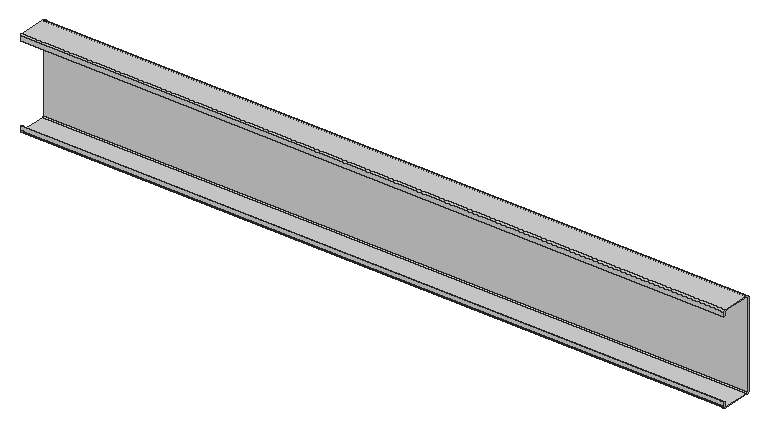
Revit family "M_Manômetro de luz-Caibros", category Quadro estrutural, Revit 2019
Family settings
  Arredondamento do comprimento do framing estrutural = 0 mm
  Forma do corte = Não definido
  Material para o comportamento do modelo = Aço
  Exportar sempre como geometria = Não
  Número OmniClass = 23.25.30.11.14.14
  Título OmniClass = Beams
  ID de item do Seek = Light Gauge-Joists-0000-CAN-ENU
  Sempre na vertical = Sim
  Corte com vazios quando carregada = Não
  Representação simbólica = Das configurações de projeto
  Compartilhado = Não
  Exibir o pré-corte da família na vista da planta = Sim
Parameters (values of type "C140")
  t = 1.2 mm
  d = 9 mm
  W = 0
  Structural Material [instance] = Metal - Manômetro de luz
  B = 48 mm
  Código de montagem = "B10"
  Length [instance] = 1500 mm
  D = 140 mm
  A = 0.00 mm²
Reference planes
  plane 1 "Centro (Frente/Trás)": y = 0
  plane 2: z = 0
  plane 3 "Centro (Esquerda/Direita)": x = 0.008
  plane 4 "Membro esquerdo": x = -556.99
  plane 5 "Membro direito": x = 566.21
  plane 6 "Superior": z = 70
  plane 7: z = -70
  plane 8 "Esquerda": x = -757.39
  plane 9 "Direita": x = 742.61
  plane 10: y = -48
  plane 11: z = -61
  plane 12: z = 61
Forms (mm)
  Sweep 1, solid, material "Metal - Manômetro de luz" <- "Structural Material", detail levels medium
    path origin (0, 0, 0) x (1, 0, 0) y (0, 1, 0)
      loop
        line (566.21, 0) -> (-556.99, 0)
    profile origin (4.61, 0, 0) x (0, -1, 0) y (0, 0, 1)
      loop
        line (0, 70) -> (0, -70) -> (48, -70) -> (48, -61) -> (46.8, -61) -> (46.8, -68.8) -> (1.2, -68.8) -> (1.2, 68.8) -> (46.8, 68.8) -> (46.8, 61) -> (48, 61) -> (48, 70) -> (0, 70)
  Sweep 2, solid, material "Metal - Manômetro de luz" <- "Structural Material", detail levels fine
    path origin (0, 0.016, 0) x (1, 0, 0) y (0, 1, 0)
      loop
        line (566.21, -0.016) -> (-556.99, -0.016)
    profile origin (4.61, 0, 0) x (0, -1, 0) y (0, 0, 1)
      loop
        line (0, 67.642) -> (0, -67.642)
        arc (0, -67.642) -> (0.691, -69.309) -> (2.358, -70) r 2.358
        line (2.358, -70) -> (45.642, -70)
        arc (45.642, -70) -> (47.309, -69.309) -> (48, -67.642) r 2.358
        line (48, -67.642) -> (48, -61) -> (46.8, -61) -> (46.8, -67.229)
        arc (46.8, -67.229) -> (46.34, -68.34) -> (45.229, -68.8) r 1.571
        line (45.229, -68.8) -> (2.771, -68.8)
        arc (2.771, -68.8) -> (1.66, -68.34) -> (1.2, -67.229) r 1.571
        line (1.2, -67.229) -> (1.2, 67.229)
        arc (1.2, 67.229) -> (1.66, 68.34) -> (2.771, 68.8) r 1.571
        line (2.771, 68.8) -> (45.229, 68.8)
        arc (45.229, 68.8) -> (46.34, 68.34) -> (46.8, 67.229) r 1.571
        line (46.8, 67.229) -> (46.8, 61) -> (48, 61) -> (48, 67.642)
        arc (48, 67.642) -> (47.309, 69.309) -> (45.642, 70) r 2.358
        line (45.642, 70) -> (2.358, 70)
        arc (2.358, 70) -> (0.691, 69.309) -> (0, 67.642) r 2.358
Lines and regions (mm)
  symbolic lines, style "Faces ocultas", detail levels medium+fine
    curve 1: line (-556.99, -1.2, 0) -> (566.21, -1.2, 0)
    curve 2: line (-556.99, 4.763, 68.8) -> (566.21, 4.763, 68.8)
    curve 3: line (-556.99, 4.763, -68.8) -> (566.21, 4.763, -68.8)
    curve 9: line (-556.99, -46.8, 0) -> (566.21, -46.8, 0)
    curve 10: line (566.21, 0, 61) -> (-556.99, 0, 61)
    curve 11: line (566.21, 0, -61) -> (-556.99, 0, -61)
  symbolic lines, style "Símbolos de vara", detail levels coarse
    curve 4: line (-757.39, -48, 61) -> (-757.39, -48, 70)
    curve 5: line (-757.39, -48, 70) -> (-757.39, 0, 70)
    curve 6: line (-757.39, 0, 70) -> (-757.39, 0, -70)
    curve 7: line (-757.39, 0, -70) -> (-757.39, -48, -70)
    curve 8: line (-757.39, -48, -70) -> (-757.39, -48, -61)
Dimensions and locks
  "D": plane 7 to plane 6 "Superior"
  equal spacing: plane 7, plane 2, plane 6 "Superior"
  "Length": plane 8 "Esquerda" to plane 9 "Direita"
  "B": plane 1 "Centro (Frente/Trás)" to plane 10
  "d": plane 7 to plane 11
  "d": plane 12 to plane 6 "Superior"
  "t": plane 6 "Superior" to Sweep 1 sketch curve
  "t": Sweep 1 sketch curve to plane 10
  "t": plane 7 to Sweep 1 sketch curve
  "t": plane 1 "Centro (Frente/Trás)" to Sweep 1 sketch curve
  "t": Sweep 2 sketch curve to Sweep 2 sketch curve  (x5)
  "t": curve 1 to plane 1 "Centro (Frente/Trás)"
  "t": plane 10 to curve 9
  "t": Sweep 1 to curve 3
  "t": curve 2 to Sweep 1
  "t": Sweep 1 sketch curve to Sweep 1 sketch curve
  aligned and locked: Sweep 1 sketch curve to plane 1 "Centro (Frente/Trás)"  (x2)
  aligned and locked: Sweep 1 sketch curve to plane 12
  aligned and locked: Sweep 1 sketch curve to plane 10
  aligned and locked: Sweep 1 sketch curve to plane 6 "Superior"
  aligned and locked: plane 7 to Sweep 1 sketch curve
  aligned and locked: plane 10 to Sweep 1 sketch curve  (x3)
  aligned and locked: plane 11 to Sweep 1 sketch curve
  aligned and locked: plane 10 to Sweep 1  (x2)
  aligned and locked: Sweep 1 to plane 6 "Superior"
  aligned and locked: plane 10 to curve 4
  aligned and locked: Sweep 2 sketch curve to Sweep 1
  aligned and locked: Sweep 2 sketch curve to plane 10
  aligned and locked: plane 11 to Sweep 2 sketch curve  (x2)
  aligned and locked: Sweep 2 sketch curve to plane 1 "Centro (Frente/Trás)"
  aligned and locked: Sweep 2 sketch curve to plane 6 "Superior"
  aligned and locked: plane 10 to Sweep 2 sketch curve  (x2)
  aligned and locked: plane 7 to Sweep 2 sketch curve
  aligned and locked: Sweep 2 to curve 11
  aligned and locked: plane 7 to curve 7
  aligned and locked: curve 6 to plane 1 "Centro (Frente/Trás)"
  aligned and locked: curve 5 to plane 6 "Superior"
  aligned and locked: plane 10 to curve 8
  aligned and locked: plane 11 to curve 8
  aligned and locked: plane 12 to curve 4
  aligned and locked: plane 12 to Sweep 2 sketch curve  (x2)
  aligned and locked: curve 10 to plane 12
  aligned and locked: curve 11 to Sweep 2
  aligned and locked: plane 4 "Membro esquerdo" to Sweep 2 sketch curve
  aligned and locked: plane 5 "Membro direito" to Sweep 2 sketch curve
  aligned and locked: plane 4 "Membro esquerdo" to Sweep 1 sketch curve
  aligned and locked: plane 5 "Membro direito" to Sweep 1 sketch curve
  aligned and locked: plane 4 "Membro esquerdo" to curve 1
  aligned and locked: plane 4 "Membro esquerdo" to curve 9
  aligned and locked: plane 5 "Membro direito" to curve 1
  aligned and locked: plane 5 "Membro direito" to curve 9
  aligned and locked: plane 4 "Membro esquerdo" to curve 3
  aligned and locked: plane 4 "Membro esquerdo" to curve 10
  aligned and locked: plane 4 "Membro esquerdo" to curve 2
  aligned and locked: plane 5 "Membro direito" to curve 3
  aligned and locked: plane 5 "Membro direito" to curve 11
  aligned and locked: plane 5 "Membro direito" to curve 10
  aligned and locked: plane 5 "Membro direito" to curve 2
Automatic sketch dimensions
  Sweep 2 sketch curve to Sweep 2 sketch curve = 0.412 mm  (x3)
  Sweep 2 sketch curve to Sweep 2 sketch curve = 1.158 mm
  Sweep 2 sketch curve to Sweep 2 sketch curve = 1.571 mm  (x3)
  Sweep 2 sketch curve to Sweep 2 sketch curve = 0.413 mm
Types in the file's own list only (47): name | t | d | B | D
  C150 | 1 mm | 9 mm | 40 mm | 150 mm
  C185 | 1 mm | 9 mm | 45 mm | 185 mm
  C200 | 1 mm | 9 mm | 50 mm | 200 mm
  C225 | 1 mm | 9 mm | 65 mm | 225 mm
  C250 | 1 mm | 9 mm | 65 mm | 250 mm
  C300 | 1 mm | 9 mm | 65 mm | 300 mm
  142 C 13 | 1 mm | 13 mm | 64 mm | 142 mm
  142 C 14 | 1 mm | 13 mm | 64 mm | 142 mm
  142 C 15 | 2 mm | 13 mm | 64 mm | 142 mm
  142 C 16 | 2 mm | 13 mm | 64 mm | 142 mm
  142 C 18 | 2 mm | 13 mm | 64 mm | 142 mm
  142 C 20 | 2 mm | 13 mm | 64 mm | 142 mm
  172 C 13 | 1 mm | 14 mm | 69 mm | 172 mm
  172 C 14 | 1 mm | 14 mm | 69 mm | 172 mm
  172 C 15 | 2 mm | 14 mm | 69 mm | 172 mm
  172 C 16 | 2 mm | 14 mm | 69 mm | 172 mm
  172 C 18 | 2 mm | 14 mm | 69 mm | 172 mm
  172 C 20 | 2 mm | 14 mm | 69 mm | 172 mm
  172 C 23 | 2 mm | 14 mm | 69 mm | 172 mm
  172 C 25 | 3 mm | 14 mm | 69 mm | 172 mm
  202 C 14 | 1 mm | 14 mm | 69 mm | 202 mm
  202 C 15 | 2 mm | 14 mm | 69 mm | 202 mm
  202 C 16 | 2 mm | 14 mm | 69 mm | 202 mm
  202 C 18 | 2 mm | 14 mm | 69 mm | 202 mm
  202 C 20 | 2 mm | 14 mm | 69 mm | 202 mm
  202 C 23 | 2 mm | 14 mm | 69 mm | 202 mm
  202 C 25 | 3 mm | 14 mm | 69 mm | 202 mm
  232 C 15 | 2 mm | 16 mm | 76 mm | 232 mm
  232 C 16 | 2 mm | 16 mm | 76 mm | 232 mm
  232 C 18 | 2 mm | 16 mm | 76 mm | 232 mm
  232 C 20 | 2 mm | 16 mm | 76 mm | 232 mm
  232 C 23 | 2 mm | 16 mm | 76 mm | 232 mm
  232 C 25 | 3 mm | 16 mm | 76 mm | 232 mm
  262 C 16 | 2 mm | 16 mm | 80 mm | 262 mm
  262 C 18 | 2 mm | 16 mm | 80 mm | 262 mm
  262 C 20 | 2 mm | 16 mm | 80 mm | 262 mm
  262 C 23 | 2 mm | 16 mm | 80 mm | 262 mm
  262 C 25 | 3 mm | 16 mm | 80 mm | 262 mm
  262 C 29 | 3 mm | 16 mm | 80 mm | 262 mm
  302 C 20 | 2 mm | 18 mm | 89 mm | 302 mm
  302 C 23 | 2 mm | 18 mm | 89 mm | 302 mm
  302 C 25 | 3 mm | 18 mm | 89 mm | 302 mm
  302 C 29 | 3 mm | 18 mm | 89 mm | 302 mm
  342 C 23 | 2 mm | 20 mm | 97 mm | 342 mm
  342 C 25 | 3 mm | 20 mm | 97 mm | 342 mm
  342 C 29 | 3 mm | 20 mm | 97 mm | 342 mm
  342 C 32 | 3 mm | 20 mm | 97 mm | 342 mm
